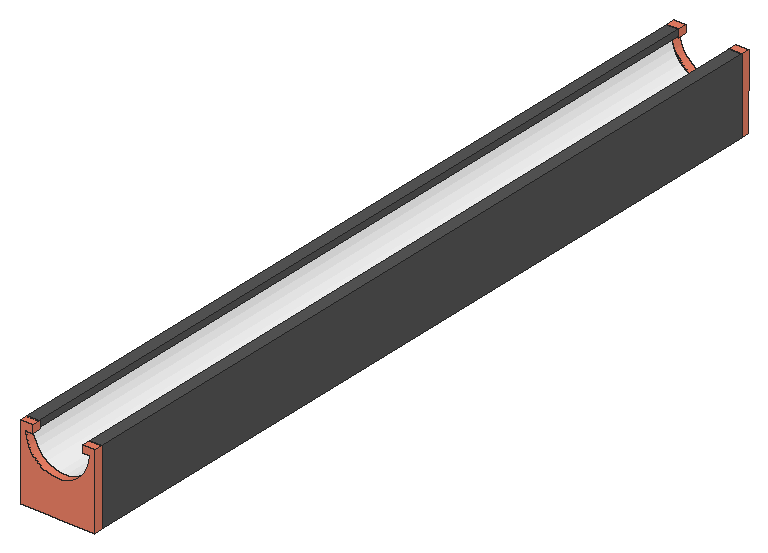
Revit family "ARX.4-S", category Lighting Fixtures, host Face, Revit 2018
Family settings
  Host = Face
  Round Connector Dimension = Use Diameter
  Part Type = Normal
  Cut with Voids When Loaded = No
  Light Source = Yes
  Shared = Yes
  Room Calculation Point = Yes
Parameters (values of type "4' Direct")
  Wattage = 17.6471 W
  built-in parameter 1150110 = 1 (stored number, unit not read)
  Voltage = 120 V
  Type Comments = "LUX ILLUMINAIRE"
  built-in parameter 1114217 = 1 (stored number, unit not read)
  Tilt Angle = 90.00°
  built-in parameter 1150109 = 1 (stored number, unit not read)
  built-in parameter 1150134 = 12
  Switch Leg Visibility = no
  Switch Leg [instance] = ""
  Suspension Length [instance] = 0' - 4 1/2"  # constant formula
  built-in parameter 1150113 = 1 (stored number, unit not read)
  Photometric Web File = "ARX_4-S-D-375-4-40K-8.ies"
  Material - End Cap [instance] = LUX ILLUMINAIRE Orange
  Material - Body [instance] = LUX ILLUMINAIRE Black
  Manufacturer = ""
  built-in parameter 1150105 = 119.37 (stored number, unit not read)
  Lumens = 1500 lm
  built-in parameter 1150115 = 1 (stored number, unit not read)
  built-in parameter 1150137 = (empty or 0)
  built-in parameter 1150139 = (empty or 0)
  built-in parameter 1150112 = 1 (stored number, unit not read)
  built-in parameter 1150114 = 1 (stored number, unit not read)
  Lamp = "LED"
  built-in parameter 1150132 = 2
  built-in parameter 1150102 = (empty or 0)
  built-in parameter 1150107 = 4000 (stored number, unit not read)
  built-in parameter 1150138 = (empty or 0)
  built-in parameter 1150106 = 1.1937 (stored number, unit not read)
  Fixture Width = 0' - 4 1/2"  # constant formula
  Fixture Symbol Visiblity = yes
  Fixture Length = 4' - 0"
  Emit from Rectangle Width = 0' - 3"
  Emit from Rectangle Length = Fixture Length  # 4' - 0"
  Emit Shape Visible in Rendering = no
  Emergency Lighting [instance] = no
  built-in parameter 1150104 = 7.8968 (stored number, unit not read)
  Dimming Lamp Color Temperature Shift = <None>
  Default Elevation = 4' - 0"
  Color Filter = 16777215
  built-in parameter 1140040 [instance] = 1
  built-in parameter 1114218 = 1 (stored number, unit not read)
  built-in parameter 1150133 = 10 (stored number, unit not read)
  Apparent Load = 12.4 VA
Types (7): name | Wattage | Voltage | Type Comments | Manufacturer | built-in parameter 1150105 | Lumens | built-in parameter 1150106 | Fixture Length | Emit from Rectangle Length | Apparent Load
  2' Direct | 8.82353 W | 120 V | "LUX ILLUMINAIRE" | "" | 59.683 (stored number, unit not read) | 750 lm | 0.59683 (stored number, unit not read) | 2' - 0" | 2' - 0" | 6.2 VA
  3' Direct | 13.2353 W | 0 V | "LUX ILLUMINAIRE" | "" | 89.525 (stored number, unit not read) | 1125 lm | 0.89525 (stored number, unit not read) | 3' - 0" | 3' - 0" | 9.3 VA
  4' Direct | 17.6471 W | 120 V | "LUX ILLUMINAIRE" | "" | 119.37 (stored number, unit not read) | 1500 lm | 1.1937 (stored number, unit not read) | 4' - 0" | 4' - 0" | 12.4 VA
  5' Direct | 22.0588 W | 0 V | "LUX ILLUMINAIRE" | "" | 149.21 (stored number, unit not read) | 1875 lm | 1.4921 (stored number, unit not read) | 5' - 0" | 5' - 0" | 15.5 VA
  6' Direct | 26.4706 W | 0 V | 0' - 0" | "LUX ILLUMINAIRE" | 179.05 (stored number, unit not read) | 2250 lm | 1.7905 (stored number, unit not read) | 6' - 0" | 6' - 0" | 18.6 VA
  7' Direct | 30.8824 W | 0 V | 0' - 0" | "LUX ILLUMINAIRE" | 208.89 (stored number, unit not read) | 2625 lm | 2.0889 (stored number, unit not read) | 7' - 0" | 7' - 0" | 21.7 VA
  8' Direct | 35.2941 W | 0 V | 0' - 0" | "LUX ILLUMINAIRE" | 238.73 (stored number, unit not read) | 3000 lm | 2.3873 (stored number, unit not read) | 8' - 0" | 8' - 0" | 24.8 VA
Reference planes (in)
  plane 1 "Center (Front/Back)": y = 0
  plane 2: z = 0
  plane 3 "Center (Left/Right)": x = 0
  plane 4: x = 2.25
  plane 5: x = -2.25
  plane 6: y = 24
  plane 7: y = -24
  plane 8: z = 4.5
  plane 9: y = 24.5
  plane 10: y = -24.5
  plane 11: z = 1
  plane 12: z = 0
  plane 13: z = -0.75
Forms (in)
  Extrusion 1, solid, material "LUX ILLUMINAIRE Black" <- "Material - Body"
    sketch origin (0, 0, 0) x (1, 0, 0) y (0, 0, 1)
      loop
        line (-2.25025, -0.0015) -> (-0.437, -0.0015) -> (0.438, -0.0015) -> (2.25126, -0.0015) -> (2.25126, 4.5) -> (1.53869, 4.5) -> (1.53869, 4.11455) -> (1.99286, 4.11455)
        arc (1.99286, 4.11455) -> (-0.00674, 2.06222) -> (-2.00634, 4.11455) r 2.00028
        line (-2.00634, 4.11455) -> (-1.53881, 4.11455) -> (-1.53881, 4.5) -> (-2.25025, 4.5) -> (-2.25025, -0.0015)
    from -24 to 24
  Extrusion 2, solid, material "LUX ILLUMINAIRE Orange" <- "Material - End Cap"
    sketch origin (0, 0, 0) x (1, 0, 0) y (0, 0, 1)
      loop
        line (-2.25025, 4.5) -> (-2.25025, -0.0015) -> (-0.437, -0.0015) -> (0.438, -0.0015) -> (2.25126, -0.0015) -> (2.25126, 4.5) -> (1.50013, 4.5) -> (1.50013, 4.0625) -> (1.89951, 4.0625)
        arc (1.89951, 4.0625) -> (-0.00674, 2.15625) -> (-1.91299, 4.0625) r 1.90625
        line (-1.91299, 4.0625) -> (-1.50025, 4.0625) -> (-1.50025, 4.5) -> (-2.25025, 4.5)
    from 24 to 24.5
  Extrusion 3, solid, not visible
    sketch origin (0, 0, 0) x (1, 0, 0) y (0, 1, 0)
      loop
        circle (0.00029, -24) r 0.1875
    from 0 to 1
  Extrusion 4, solid, not visible
    sketch origin (0, 0, 0) x (1, 0, 0) y (0, 1, 0)
      loop
        circle (0.0005, -24) r 0.03125
    from 1 to 13.33203
  Extrusion 5, solid, not visible
    sketch origin (0, 0, 0) x (1, 0, 0) y (0, 1, 0)
      loop
        circle (0.0005, -24) r 0.18729
    from 13.33203 to 14.08203
  Extrusion 6, solid, material "LUX ILLUMINAIRE Orange" <- "Material - End Cap"
    sketch origin (0.00056, 24, 0) x (1, 0, 0) y (0, 0, -1)
      loop
        line (-2.25056, -4.5) -> (-1.50082, -4.5) -> (-1.50082, -4.0625) -> (-1.91355, -4.0625)
        arc (-1.91355, -4.0625) -> (-0.0073, -2.15625) -> (1.89895, -4.0625) r 1.90625
        line (1.89895, -4.0625) -> (1.49957, -4.0625) -> (1.49957, -4.5) -> (2.24944, -4.5) -> (2.24944, 0.0015) -> (0.438, 0.0015) -> (-0.437, 0.0015) -> (-2.25056, 0.0015) -> (-2.25056, -4.5)
    from 0 to 0.5
  Extrusion 7, solid, material "Light Emit"
    sketch origin (0, 0, 0) x (1, 0, 0) y (0, 0, 1)
      loop
        line (-1.98294, 4.11455) -> (-2.09548, 4.11455)
        arc (-2.09548, 4.11455) -> (-0.00674, 1.97311) -> (2.082, 4.11455) r 2.08939
        line (2.082, 4.11455) -> (1.96946, 4.11455)
        arc (1.96946, 4.11455) -> (-0.00674, 2.08562) -> (-1.98294, 4.11455) r 1.97688
    from -24 to 24
Lines and regions (in)
  symbolic lines, visible <- "Fixture Symbol Visiblity"
    curve 1: line (-2.25, 24, 0) -> (2.25, 24, 0)
    curve 2: line (-2.25, -24, 0) -> (-2.25, 24, 0)
    curve 3: line (2.25, -24, 0) -> (-2.25, -24, 0)
    curve 4: line (2.25, 24, 0) -> (2.25, -24, 0)
Dimensions and locks (in)
  plane 5 to plane 4 = 0' - 4 1/2"
  equal spacing: plane 7, plane 1 "Center (Front/Back)", plane 6
  "Fixture Length": plane 7 to plane 6
  "Suspension Length": plane 8 to level
  "Fixture Width": plane 4 to plane 5
  equal spacing: plane 4, plane 3 "Center (Left/Right)", plane 5
  locked: nested 2 to plane 10 at 9.5
  plane 8 to plane 12 to plane 13 = 0' - 4 1/2" locked, 0' - 0 3/4" locked
  locked: imposter light to Extrusion 1 at 0.0625
  Extrusion 1 to Extrusion 2 sketch curve = 0' - 0 3/4"
  locked: plane 9 to plane 6 at 0.5
  locked: plane 7 to plane 10 at 0.5
  aligned and locked: plane 2 to host face
  aligned and locked: level to host face
  aligned and locked: Extrusion 6 to plane 5
  aligned and locked: plane 4 to Extrusion 6
  aligned and locked: plane 6 to Extrusion 6
  aligned and locked: Extrusion 1 to plane 6
  aligned and locked: plane 10 to Extrusion 2
  aligned and locked: Extrusion 2 to plane 7
  aligned and locked: plane 7 to Extrusion 1
  aligned and locked: Extrusion 6 to plane 9
  aligned and locked: plane 7 to nested 1
  aligned and locked: plane 6 to curve 1
  aligned and locked: plane 5 to curve 2
  aligned and locked: curve 3 to plane 7
  aligned and locked: curve 4 to plane 4
  aligned and locked: nested 1 to plane 6
  aligned and locked: plane 8 to Extrusion 6
  aligned and locked: plane 8 to Extrusion 2
  aligned and locked: Extrusion 1 sketch curve to plane 8  (x2)
  aligned and locked: Extrusion 7 sketch curve to Extrusion 1
  aligned and locked: Extrusion 1 to Extrusion 7 sketch curve
  aligned and locked: Extrusion 7 to plane 6
  aligned and locked: plane 7 to Extrusion 7
Automatic sketch dimensions
  host sketch curve to host sketch curve = 8' - 0"  (x2)
  Extrusion 1 sketch curve to plane 5 = 0' - 0.00025"
  plane 5 to Extrusion 1 sketch curve = 0' - 0.24366"
  Extrusion 1 sketch curve to Extrusion 1 sketch curve = 0' - 0.46753"
  Extrusion 1 sketch curve to plane 12 = 0' - 0.0015"
  Extrusion 1 sketch curve to plane 3 "Center (Left/Right)" = 0' - 0.437"
  Extrusion 1 sketch curve to plane 3 "Center (Left/Right)" = 0' - 0.00674"
  plane 3 "Center (Left/Right)" to Extrusion 1 sketch curve = 0' - 0.438"
  Extrusion 1 sketch curve to plane 4 = 0' - 0.71131"
  plane 4 to Extrusion 1 sketch curve = 0' - 0.00126"
  Extrusion 2 sketch curve to plane 8 = 0' - 0"  (x2)
  plane 5 to Extrusion 2 sketch curve = 0' - 0.33701"
  Extrusion 2 sketch curve to plane 5 = 0' - 0.00025"
  Extrusion 2 sketch curve to plane 12 = 0' - 0.0015"
  Extrusion 2 sketch curve to plane 3 "Center (Left/Right)" = 0' - 0.437"
  Extrusion 2 sketch curve to plane 3 "Center (Left/Right)" = 0' - 0.00674"
  plane 3 "Center (Left/Right)" to Extrusion 2 sketch curve = 0' - 0.438"
  Extrusion 2 sketch curve to Extrusion 2 sketch curve = 0' - 0.39938"
  plane 4 to Extrusion 2 sketch curve = 0' - 0.00126"
  Extrusion 2 sketch curve to plane 8 = 0' - 0 7/16"
  Extrusion 1 sketch curve to plane 8 = 0' - 0.38545"
  Extrusion 1 sketch curve to plane 4 = 0' - 0.25714"
  Extrusion 1 sketch curve to plane 8 = 0' - 0 7/16"
  Extrusion 6 sketch curve to plane 5 = 0' - 0"
  Extrusion 6 sketch curve to plane 8 = 0' - 0"  (x2)
  Extrusion 6 sketch curve to plane 4 = 0' - 0"
  plane 5 to Extrusion 6 sketch curve = 0' - 0.33701"
  Extrusion 6 sketch curve to plane 12 = 0' - 0.0015"
  Extrusion 6 sketch curve to plane 3 "Center (Left/Right)" = 0' - 0.43644"
  Extrusion 6 sketch curve to plane 3 "Center (Left/Right)" = 0' - 0.00674"
  plane 3 "Center (Left/Right)" to Extrusion 6 sketch curve = 0' - 0.43856"
  Extrusion 6 sketch curve to Extrusion 6 sketch curve = 0' - 0.39938"
  Extrusion 6 sketch curve to plane 8 = 0' - 0 7/16"
  Extrusion 6 sketch curve to Extrusion 6 sketch curve = 0' - 0.41274"
  Extrusion 7 sketch curve to Extrusion 7 sketch curve = 0' - 0"  (x2)
  Extrusion 7 sketch curve to plane 3 "Center (Left/Right)" = 0' - 0.00674"
  Extrusion 7 sketch curve to plane 8 = 0' - 0 7/16"
  plane 5 to Extrusion 7 sketch curve = 0' - 0.26706"
  Extrusion 7 sketch curve to Extrusion 7 sketch curve = 0' - 0.11255"
  radius of Extrusion 3 sketch curve = 0' - 0 3/16"
  radius of Extrusion 4 sketch curve = 0' - 0 1/32"
  radius of Extrusion 5 sketch curve = 0' - 0.18729"
Nested families (in)
  nested 1: "Emergency Symbol Rectangle" at (-11.90822, 0, 0) x (0, 1, 0) z (0, 0, 1), visible <- "Emergency Lighting", type "Emergency Symbol Rectangle"
    with Width 1' - 0.50394", Length 4' - 0"
  nested 2: "Switch Leg Annotation" at (9.99627, -15, 0) x (0, 1, 0) z (0, 0, 1), visible <- "Switch Leg Visibility", Switch Leg Annotation <- "Switch Leg", type "Switch Leg Annotation"
    with Switch Leg Annotation ""
Connectors (in)
  electrical at (-1.34363, 0, -0.0015), driven by "Voltage", driven by "Apparent Load"
    settings: on Extrusion 1, index 1, voltage 120 V, apparent load 0 VA, apparent load phase1 12.4 VA, apparent load phase2 0 VA, apparent load phase3 0 VA, power factor 1, load classification "Other", number of poles 1, system type 31, power factor state 1, is connector primary yes, connector utility no, sub classification motor no, connector description ""
Definition of nested family "Emergency Symbol Rectangle"
  Parameters (values of type "Emergency Symbol Rectangle")
    Width [instance] = 0' - 8 1/2"
    Length [instance] = 5' - 0"
    Emergency Visibility = no
  Reference planes (in)
    plane 1 "Center (Front/Back)": y = -7.75
    plane 2: z = 0
    plane 3 "Center (Left/Right)": x = -24
    plane 4: x = 24
    plane 5: x = -36
    plane 6: y = -3.5
    plane 7: y = -12
  Lines and regions (in)
    Filled region 1, type "Solid Fill - Black", in view "Ref. Level", detail levels coarse+medium
      outline origin (0, 0.25, 0) x (1, 0, 0) y (0, 1, 0)
        loop
          line (-36, -12.25) -> (24, -12.25) -> (-36, -10.125) -> (-36, -12.25)
  Dimensions and locks (in)
    equal spacing: plane 7, plane 1 "Center (Front/Back)", plane 6
    "Width": plane 7 to plane 6
    "Length": plane 5 to plane 4
    aligned and locked: plane 5 to Filled region 1
  Automatic sketch dimensions
    plane 1 "Center (Front/Back)" to Filled region 1 sketch curve = 0' - 2 1/8"
    Filled region 1 sketch curve to plane 3 "Center (Left/Right)" = 1' - 0"
    Filled region 1 sketch curve to plane 4 = 0' - 0"
    Filled region 1 sketch curve to plane 7 = 0' - 0"
Definition of nested family "Switch Leg Annotation"
  Parameters (values of type "Switch Leg Annotation")
    Switch Leg Annotation [instance] = ""
  Reference planes (in)
    plane 1: y = 0
    plane 2: x = 0
  Text (in)
    label "a" at (0.00527, 0.01239, 0), shows "Switch Leg Annotation"
